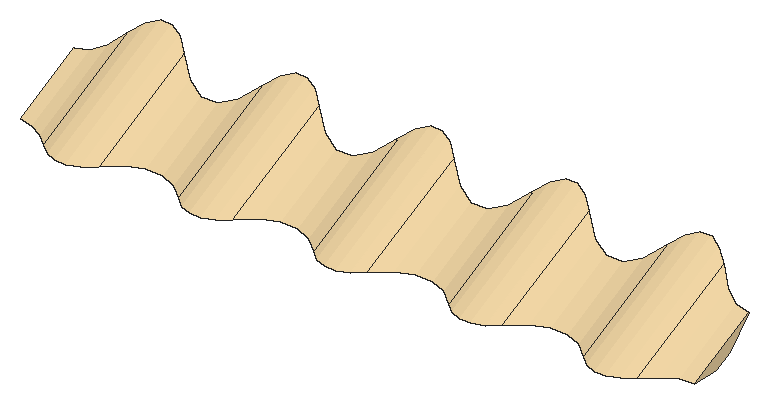
Revit family "Magnuson-Ona-CoatHookStrip+", category Furniture, host Face, Revit 2020
Family settings
  Host = Face
  Cut with Voids When Loaded = No
  Shared = No
  Room Calculation Point = No
Parameters (values of type "ONA")
  Width = 38.18898"
  URL = "www.magnusongroup.com"
  Type Comments = "Coat Hook Strip"  # constant formula
  Revit Model Built By = "https://servex-us.com/servex-revit/"
  Product Documentation Link = "https://magnusongroup.com/products/coathookstrips/ona.html"
  Mounting Finish = MAG - Textured painted steel
  Salvage or Reuse = yes
  Percentage of Recycled Content = 0
  Model = "ONA"
  Manufacturer = "Magnuson Group"  # constant formula
  Low Emitting Material = yes
  Low Emitting Finish = yes
  Keynote = "12500"
  Hook Finish = MAG - Laminated wooden - Oak
  Description = "Laminated wooden hook strip"
  Default Elevation = 48"
  Assembly Code = "E2020200"
Reference planes (in)
  plane 1 "Center (Front/Back)": y = 0
  plane 2: z = 0
  plane 3 "Center (Left/Right)": x = 0
  plane 4: x = 38.18898
Forms (in)
  Extrusion 1, solid, material "MAG - Laminated wooden - Oak" <- "Hook Finish"
    sketch origin (0, 0, 0) x (0, 1, 0) y (0, 0, 1)
      loop
        line (6.23869, 3.93896) -> (-1.3375, 0.0787) -> (2.13165, 0.0787) -> (3.09817, 0.57116) -> (6.23869, 3.93896)
    from 0 to 38.18898
  Extrusion 2, void
    sketch origin (0, 2.61491, 0.32493) x (0, 0.45399, -0.891007) y (-1, 0, 0)
      loop
        line (0, -38.18898) -> (0.49198, -38.18898) -> (0.49198, 0) -> (-0.00802, 0)
        arc (-0.00802, 0) -> (-0.14337, -1.17096) -> (-0.54229, -2.28016) r 5.13283
        arc (-0.54229, -2.28016) -> (-0.90283, -3.81888) -> (-0.54229, -5.3576) r 3.46377
        arc (-0.54229, -5.3576) -> (-0.00802, -7.63778) -> (-0.54229, -9.91796) r 5.13283
        arc (-0.54229, -9.91796) -> (-0.90283, -11.45668) -> (-0.54229, -12.9954) r 3.46377
        arc (-0.54229, -12.9954) -> (-0.00802, -15.27558) -> (-0.54229, -17.55576) r 5.13283
        arc (-0.54229, -17.55576) -> (-0.90283, -19.09448) -> (-0.54229, -20.6332) r 3.46377
        arc (-0.54229, -20.6332) -> (-0.00802, -22.91338) -> (-0.54229, -25.19356) r 5.13283
        arc (-0.54229, -25.19356) -> (-0.90283, -26.73228) -> (-0.54229, -28.271) r 3.46377
        arc (-0.54229, -28.271) -> (-0.00802, -30.55118) -> (-0.54229, -32.83136) r 5.13283
        arc (-0.54229, -32.83136) -> (-0.90283, -34.37008) -> (-0.54229, -35.9088) r 3.46377
        arc (-0.54229, -35.9088) -> (-0.14129, -37.01801) -> (0, -38.18898) r 5.21099
      loop
        arc (-0.66531, -38.18898) -> (-0.8066, -37.01801) -> (-1.2076, -35.9088) r 5.21099
        arc (-1.2076, -35.9088) -> (-1.56814, -34.37008) -> (-1.2076, -32.83136) r 3.46377
        arc (-1.2076, -32.83136) -> (-0.67333, -30.55118) -> (-1.2076, -28.271) r 5.13283
        arc (-1.2076, -28.271) -> (-1.56814, -26.73228) -> (-1.2076, -25.19356) r 3.46377
        arc (-1.2076, -25.19356) -> (-0.67333, -22.91338) -> (-1.2076, -20.6332) r 5.13283
        arc (-1.2076, -20.6332) -> (-1.56814, -19.09448) -> (-1.2076, -17.55576) r 3.46377
        arc (-1.2076, -17.55576) -> (-0.67333, -15.27558) -> (-1.2076, -12.9954) r 5.13283
        arc (-1.2076, -12.9954) -> (-1.56814, -11.45668) -> (-1.2076, -9.91796) r 3.46377
        arc (-1.2076, -9.91796) -> (-0.67333, -7.63778) -> (-1.2076, -5.3576) r 5.13283
        arc (-1.2076, -5.3576) -> (-1.56814, -3.81888) -> (-1.2076, -2.28016) r 3.46377
        arc (-1.2076, -2.28016) -> (-0.80868, -1.17096) -> (-0.67333, 0) r 5.13283
        line (-0.67333, 0) -> (-1.91531, 0) -> (-1.91531, -38.18898) -> (-0.66531, -38.18898)
    from -4.06164 to 5.24332
  Extrusion 3, solid, material "MAG - Textured painted steel" <- "Mounting Finish"
    sketch origin (0, 0, 0) x (1, 0, 0) y (0, 1, 0)
      loop
        circle (3.81395, 0.13202) r 0.88088
      loop
        circle (19.10569, 0.13202) r 0.88088
      loop
        circle (34.37503, 0.13202) r 0.88088
    from 0 to 0.07868
Cuts and joins
  Extrusion 2 cuts Extrusion 1
Dimensions and locks (in)
  "Width": plane 3 "Center (Left/Right)" to plane 4
  aligned and locked: plane 2 to host face
  aligned and locked: level to host face
  aligned and locked: plane 4 to Extrusion 1
  aligned and locked: Extrusion 1 to plane 3 "Center (Left/Right)"
  aligned and locked: Extrusion 3 to plane 2
Automatic sketch dimensions
  host sketch curve to host sketch curve = 21.12737"
  host sketch curve to host sketch curve = 15.17679"
  plane 1 "Center (Front/Back)" to Extrusion 1 sketch curve = 1.3375"
  level to Extrusion 1 sketch curve = 0.0787"
  Extrusion 1 sketch curve to plane 1 "Center (Front/Back)" = 2.13165"
  level to Extrusion 1 sketch curve = 0.57116"
  Extrusion 1 sketch curve to Extrusion 1 sketch curve = 0.96652"
  Extrusion 1 sketch curve to Extrusion 1 sketch curve = 3.14052"
  level to Extrusion 1 sketch curve = 3.93896"
  Extrusion 2 sketch curve to plane 4 = 0"  (x2)
  Extrusion 2 sketch curve to plane 3 "Center (Left/Right)" = 0"  (x4)
  plane 4 to Extrusion 2 sketch curve = 0.03472"  (x2)
  plane 3 "Center (Left/Right)" to Extrusion 2 sketch curve = 7.63778"
  Extrusion 2 sketch curve to Extrusion 2 sketch curve = 0.07002"
  Extrusion 2 sketch curve to Extrusion 2 sketch curve = 0"  (x27)
  Extrusion 2 sketch curve to Extrusion 2 sketch curve = 0.66531"  (x17)
  Extrusion 2 sketch curve to Extrusion 2 sketch curve = 3.29557"
  Extrusion 2 sketch curve to Extrusion 2 sketch curve = 1.24198"
  Extrusion 2 sketch curve to Extrusion 2 sketch curve = 1 1/4"
  Extrusion 2 sketch curve to Extrusion 2 sketch curve = 0.49198"
  Extrusion 2 sketch curve to Extrusion 2 sketch curve = 7.03648"
  Extrusion 2 sketch curve to Extrusion 2 sketch curve = 1.40365"  (x2)
  Extrusion 2 sketch curve to plane 4 = 3.8189"
  Extrusion 2 sketch curve to Extrusion 2 sketch curve = 5.35762"
  Extrusion 2 sketch curve to Extrusion 2 sketch curve = 7.6378"  (x5)
  plane 3 "Center (Left/Right)" to Extrusion 2 sketch curve = 3.81888"
  Extrusion 2 sketch curve to Extrusion 2 sketch curve = 3.10323"  (x2)
  Extrusion 3 sketch curve to plane 1 "Center (Front/Back)" = 0.13202"  (x3)
  plane 3 "Center (Left/Right)" to Extrusion 3 sketch curve = 3.81395"
  Extrusion 3 sketch curve to Extrusion 3 sketch curve = 15.29174"
  Extrusion 3 sketch curve to plane 4 = 3.81395"
  radius of Extrusion 3 sketch curve = 0.88088"  (x3)
